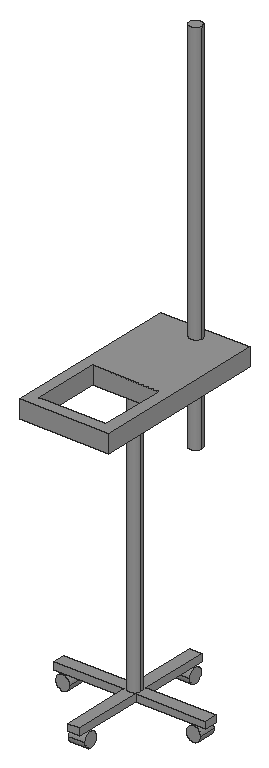
Revit family "AVLN_Подставка для стерилизационных коробок", category Мебель, Revit 2019
Family settings
  Номер OmniClass = 23.40.20.00
  Заголовок OmniClass = General Furniture and Specialties
  На основе рабочей плоскости = Нет
  Всегда вертикально = Да
  При загрузке вырезать с полостями = Нет
  Общий = Нет
  Точка расчета площади = Нет
Parameters (values of type "Штатиф для вливаний")
  Подставка ширина = 250 mm
  Подставка длина = 500 mm
  Описание = "Штатиф для вливаний, на 2 сосуда в хроме гальваническом. H=1650мм. Стойка из стальной трубы, пластиковое основание, держатель для"
  О1 = 35 mm  # constant formula
  М.основы = Металл, окрашенный, белый, матовый
  Type Comments = ""
  Keynote = ""
  Manufacturer = ""
  Группа модели = "Оборудование поликлиники"
  Высота штатива = 810 mm
  ADSK_Размер_Ширина = 430 mm
  ADSK_Размер_Длина = ADSK_Размер_Ширина  # 430 mm
  ADSK_Размер_Высота = 1650 mm
  ADSK_Примечание [instance] = ""
  ADSK_Обозначение = ""
  ADSK_Наименование = "Штатиф для вливаний, на 2 сосуда в хроме гальваническом. H=1650мм. Стойка из стальной трубы, пластиковое основание, держатель для"
  ADSK_Масса = 0
  ADSK_Марка = ""
  ADSK_Код изделия = ""
  ADSK_Единица измерения = "шт"  # constant formula
Types (2, lengths in mm): name | Подставка длина
  (no name) | 590
  Штатиф для вливаний | 500
Reference planes
  plane 1 "По центру (Вперед/Назад)": y = 0
  plane 2: z = 0
  plane 3 "По центру (Влево/Вправо)": x = 0
  plane 4: z = 1650
  plane 5: y = 215
  plane 6: x = 215
  plane 7: x = -215
  plane 8: y = -215
  plane 9: y = -185
  plane 10: z = 60
  plane 11: z = 810
  plane 12: y = -250
  plane 13: y = 250
  plane 14: x = -125
  plane 15: x = 125
Forms (mm)
  Extrusion 1, solid, material "Металл, окрашенный, белый, матовый" <- "М.основы"
    sketch origin (0, -518.993, 611.226) x (-1, 0, 0) y (0, -1, 0)
      loop
        line (17.5, -733.993) -> (17.5, -536.493) -> (215, -536.493) -> (215, -501.493) -> (17.5, -501.493) -> (17.5, -303.993) -> (-17.5, -303.993) -> (-17.5, -501.493) -> (-215, -501.493) -> (-215, -536.493) -> (-17.5, -536.493) -> (-17.5, -733.993) -> (17.5, -733.993)
    from -571.226 to -551.226
  Extrusion 2, solid, material "Металл, окрашенный, белый, матовый" <- "М.основы"
    sketch origin (0, -518.993, 592.976) x (-1, 0, 0) y (0, -1, 0)
      loop
        circle (0, -518.993) r 17.5
    from -532.976 to 217.024
  Extrusion 3, solid, material "Металл, окрашенный, белый, матовый" <- "М.основы"
    sketch origin (16.015, 0, 0) x (1, 0, 0) y (0, 0, 1)
      loop
        circle (168.985, 19.522) r 20
    from -22.984 to 22.984
  Extrusion 4, solid, material "Металл, окрашенный, белый, матовый" <- "М.основы"
    sketch origin (-353.985, 0, 0) x (1, 0, 0) y (0, 0, 1)
      loop
        circle (168.985, 19.522) r 20
    from -22.984 to 22.984
  Extrusion 5, solid, material "Металл, окрашенный, белый, матовый" <- "М.основы"
    sketch origin (0, -16.015, 0) x (0, -1, 0) y (0, 0, 1)
      loop
        circle (168.985, 19.522) r 20
    from -22.984 to 22.984
  Extrusion 6, solid, material "Металл, окрашенный, белый, матовый" <- "М.основы"
    sketch origin (0, 353.985, 0) x (0, -1, 0) y (0, 0, 1)
      loop
        circle (168.985, 19.522) r 20
    from -22.984 to 22.984
  Extrusion 7, solid, material "Металл, окрашенный, белый, матовый" <- "М.основы"
    sketch origin (0, -518.993, 592.976) x (-1, 0, 0) y (0, -1, 0)
      loop
        line (-125, -268.993) -> (-125, -768.993) -> (125, -768.993) -> (125, -268.993) -> (-125, -268.993)
      loop
        line (95, -488.993) -> (95, -298.993) -> (-95, -298.993) -> (-95, -488.993) -> (95, -488.993)
    from 217.024 to 267.024
  Extrusion 8, solid, material "Металл, окрашенный, белый, матовый" <- "М.основы"
    sketch origin (62.86, -313.388, 591.812) x (-1, 0, 0) y (0, -1, 0)
      loop
        circle (62.86, -528.388) r 17.5
    from -11.812 to 1058.188
Dimensions and locks
  plane 2 to plane 4 = 1650 mm
  equal spacing: plane 8, plane 1 "По центру (Вперед/Назад)", plane 5
  equal spacing: plane 7, plane 3 "По центру (Влево/Вправо)", plane 6
  "ADSK_Размер_Длина": plane 7 to plane 6
  "ADSK_Размер_Ширина": plane 5 to plane 8
  "ADSK_Размер_Высота": plane 2 to plane 4
  locked: plane 9 to plane 8 at 30
  equal spacing: Extrusion 1 sketch curve, plane 1 "По центру (Вперед/Назад)", Extrusion 1 sketch curve  (x2)
  equal spacing: Extrusion 1 sketch curve, plane 3 "По центру (Влево/Вправо)", Extrusion 1 sketch curve  (x2)
  "О1": Extrusion 1 sketch curve to Extrusion 1 sketch curve  (x4)
  locked: plane 2 to plane 10 at 60
  locked: Extrusion 1 to plane 10 at 20
  equal spacing: Extrusion 3, plane 1 "По центру (Вперед/Назад)", Extrusion 3
  locked: Extrusion 3 to plane 6 at 10
  equal spacing: Extrusion 4, plane 1 "По центру (Вперед/Назад)", Extrusion 4
  locked: plane 7 to Extrusion 4 at 10
  equal spacing: Extrusion 5, plane 3 "По центру (Влево/Вправо)", Extrusion 5
  equal spacing: Extrusion 6, plane 3 "По центру (Влево/Вправо)", Extrusion 6
  locked: plane 5 to Extrusion 6 at 10
  locked: Extrusion 5 to plane 8 at 10
  "Высота штатива": plane 2 to plane 11
  "Подставка ширина": plane 14 to plane 15
  "Подставка длина": plane 13 to plane 12
  equal spacing: plane 14, plane 3 "По центру (Влево/Вправо)", plane 15
  equal spacing: plane 13, plane 1 "По центру (Вперед/Назад)", plane 12
  locked: Extrusion 7 sketch curve to Extrusion 7 sketch curve at 30  (x3)
  locked: Extrusion 7 sketch curve to plane 1 "По центру (Вперед/Назад)" at 30
  locked: plane 11 to Extrusion 7 at 50
  locked: Extrusion 8 to plane 11 at 230
  "О1": diameter of Extrusion 2 sketch curve
  "О1": diameter of Extrusion 8 sketch curve
  aligned and locked: level to plane 2
  aligned and locked: Extrusion 1 sketch curve to plane 5
  aligned and locked: plane 8 to Extrusion 1 sketch curve
  aligned and locked: plane 7 to Extrusion 1 sketch curve
  aligned and locked: Extrusion 1 sketch curve to plane 6
  aligned and locked: Extrusion 1 to plane 10
  aligned and locked: plane 3 "По центру (Влево/Вправо)" to Extrusion 2 sketch curve
  aligned and locked: plane 1 "По центру (Вперед/Назад)" to Extrusion 2 sketch curve
  aligned and locked: Extrusion 2 to plane 10
  aligned and locked: plane 11 to Extrusion 2
  aligned and locked: plane 12 to Extrusion 7 sketch curve
  aligned and locked: Extrusion 7 sketch curve to plane 15
  aligned and locked: Extrusion 7 sketch curve to plane 13
  aligned and locked: plane 14 to Extrusion 7 sketch curve
  aligned and locked: Extrusion 7 to Extrusion 2
  aligned and locked: plane 3 "По центру (Влево/Вправо)" to Extrusion 8 sketch curve
  aligned and locked: plane 5 to Extrusion 8 sketch curve
  aligned and locked: Extrusion 8 to plane 4
Automatic sketch dimensions
  Extrusion 3 sketch curve to plane 6 = 30 mm
  level to Extrusion 3 sketch curve = 19.522 mm
  plane 7 to Extrusion 4 sketch curve = 30 mm
  level to Extrusion 4 sketch curve = 19.522 mm
  Extrusion 5 sketch curve to plane 9 = 0 mm
  level to Extrusion 5 sketch curve = 19.522 mm
  Extrusion 6 sketch curve to plane 5 = 30 mm
  level to Extrusion 6 sketch curve = 19.522 mm
  radius of Extrusion 3 sketch curve = 20 mm
  radius of Extrusion 4 sketch curve = 20 mm
  radius of Extrusion 5 sketch curve = 20 mm
  radius of Extrusion 6 sketch curve = 20 mm
